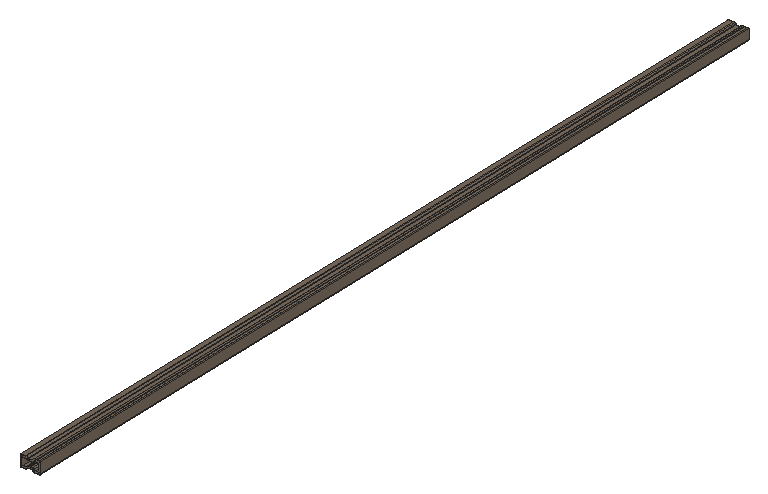
Revit family "221010024038286", category Modelos genéricos, Revit 2018
Family settings
  Puede alojar armadura = No
  Cota de conector redondo = Diámetro de uso
  Tipo de pieza = Normal
  Se basa en plano de trabajo = No
  Siempre vertical = No
  Corte con vacíos al cargar = No
  Compartido = No
  Punto de cálculo de habitación = No
Parameters (values of type "LISTON BASE RAINBODECK HPC 50X30MM CAFE TIRA 2.2MT")
  Ventajas = ""
  Uso = ""
  Unidad = "Tiras de 2.20 Mts"
  URL = "https://www.empresascnp.cl/"
  Num SKUs = "221010024038286"
  Nombre SKU = "LISTON BASE RAINBODECK HPC 50X30MM CAFE TIRA 2.2MT"
  Modelo = "LISTON BASE RAINBODECK HPC"
  Material = HPC cafe
  Url Ficha tecnica = "https://empresascnp.cl/wp-content/uploads//pdf/ficha-tecnica-liston-base-rainbodeck-hpc-50x30mm-cafe-tira-2-2mt.pdf"
  Largo = 2200.00 mm
  Espesor = 2.00 mm
  Empresa = "CNP SPA."
  Dureza = ""
  Dimension = 50.00 mm
  Descripción = "Accesorio requerido para la instalación de las tablas de Deck de HPC."
  Contacto = "info@empresascnp.cl"
  Color = "Cafe"
  Aplicacion = "Base para fijacion de tablas Deck Rainbodeck"
  Alto = 30.00 mm
Reference planes
  plane 1 "Center F/B": y = 0
  plane 2: z = 0
  plane 3 "Center L/R": x = 0
  plane 4: z = -30
  plane 5 "2": y = 1100
  plane 6 "3": y = -1100
  plane 7: x = 50
  plane 8: z = -2
  plane 9 "4": x = 2
Forms (mm)
  Extrusion 1, solid, material "HPC cafe" <- "Material"
    sketch origin (0, 0, 0) x (1, 0, 0) y (0, 0, 1)
      loop
        line (50, -28) -> (50, -2)
        arc (50, -2) -> (49.414, -0.586) -> (48, 0) r 2
        line (48, 0) -> (35.828, 0)
        arc (35.828, 0) -> (35.063, -0.152) -> (34.414, -0.586) r 2
        line (34.414, -0.586) -> (31.586, -3.414)
        arc (31.586, -3.414) -> (30.937, -3.848) -> (30.172, -4) r 2
        line (30.172, -4) -> (19.828, -4)
        arc (19.828, -4) -> (19.063, -3.848) -> (18.414, -3.414) r 2
        line (18.414, -3.414) -> (15.586, -0.586)
        arc (15.586, -0.586) -> (14.937, -0.152) -> (14.172, 0) r 2
        line (14.172, 0) -> (2, 0)
        arc (2, 0) -> (0.586, -0.586) -> (0, -2) r 2
        line (0, -2) -> (0, -28)
        arc (0, -28) -> (0.586, -29.414) -> (2, -30) r 2
        line (2, -30) -> (14.172, -30)
        arc (14.172, -30) -> (14.937, -29.848) -> (15.586, -29.414) r 2
        line (15.586, -29.414) -> (18.414, -26.586)
        arc (18.414, -26.586) -> (19.063, -26.152) -> (19.828, -26) r 2
        line (19.828, -26) -> (30.172, -26)
        arc (30.172, -26) -> (30.937, -26.152) -> (31.586, -26.586) r 2
        line (31.586, -26.586) -> (34.414, -29.414)
        arc (34.414, -29.414) -> (35.063, -29.848) -> (35.828, -30) r 2
        line (35.828, -30) -> (48, -30)
        arc (48, -30) -> (49.414, -29.414) -> (50, -28) r 2
      loop
        arc (34.414, -6.243) -> (32.468, -7.543) -> (30.172, -8) r 6
        line (30.172, -8) -> (19.828, -8)
        arc (19.828, -8) -> (17.532, -7.543) -> (15.586, -6.243) r 6
        line (15.586, -6.243) -> (13.343, -4) -> (4, -4) -> (4, -26) -> (13.343, -26) -> (15.586, -23.757)
        arc (15.586, -23.757) -> (17.532, -22.457) -> (19.828, -22) r 6
        line (19.828, -22) -> (30.172, -22)
        arc (30.172, -22) -> (32.468, -22.457) -> (34.414, -23.757) r 6
        line (34.414, -23.757) -> (36.657, -26) -> (46, -26) -> (46, -4) -> (36.657, -4) -> (34.414, -6.243)
    from -1100 to 1100
Dimensions and locks
  "Alto": level to plane 4
  equal spacing: plane 6 "3", plane 1 "Center F/B", plane 5 "2"
  "Largo": plane 6 "3" to plane 5 "2"
  "Dimension": plane 7 to plane 3 "Center L/R"
  aligned and locked: plane 6 "3" to Extrusion 1
  aligned and locked: Extrusion 1 to plane 5 "2"
Automatic sketch dimensions
  Extrusion 1 sketch curve to Extrusion 1 sketch curve = 0.00 mm  (x8)
  Extrusion 1 sketch curve to plane 3 "Center L/R" = 0.00 mm
  Extrusion 1 sketch curve to level = 0.00 mm  (x2)
  Extrusion 1 sketch curve to plane 9 "4" = 0.00 mm  (x2)
  Extrusion 1 sketch curve to plane 4 = 0.00 mm  (x2)
  Extrusion 1 sketch curve to plane 8 = 0.00 mm  (x5)
  Extrusion 1 sketch curve to plane 7 = 0.00 mm
  plane 9 "4" to Extrusion 1 sketch curve = 2.00 mm
  plane 8 to Extrusion 1 sketch curve = 2.00 mm  (x2)
  Extrusion 1 sketch curve to Extrusion 1 sketch curve = 9.343 mm  (x2)
  Extrusion 1 sketch curve to plane 4 = 4.00 mm  (x2)
  Extrusion 1 sketch curve to Extrusion 1 sketch curve = 0.828 mm  (x4)
  plane 8 to Extrusion 1 sketch curve = 4.243 mm  (x2)
  Extrusion 1 sketch curve to Extrusion 1 sketch curve = 2.243 mm  (x2)
  Extrusion 1 sketch curve to plane 4 = 6.243 mm  (x2)
  Extrusion 1 sketch curve to level = 0.586 mm  (x2)
  Extrusion 1 sketch curve to plane 4 = 0.586 mm  (x2)
  Extrusion 1 sketch curve to Extrusion 1 sketch curve = 1.414 mm  (x5)
  plane 8 to Extrusion 1 sketch curve = 1.414 mm  (x2)
  Extrusion 1 sketch curve to Extrusion 1 sketch curve = 2.828 mm  (x4)
  Extrusion 1 sketch curve to plane 4 = 3.414 mm  (x2)
  Extrusion 1 sketch curve to Extrusion 1 sketch curve = 4.243 mm
  Extrusion 1 sketch curve to Extrusion 1 sketch curve = 10.343 mm  (x2)
  Extrusion 1 sketch curve to Extrusion 1 sketch curve = 2.00 mm
  Extrusion 1 sketch curve to plane 7 = 2.00 mm
